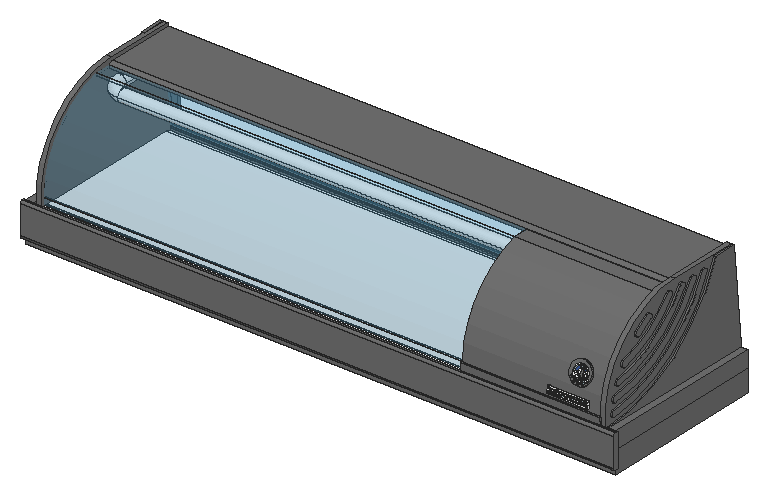
Revit family "QF_HOSHIZAKI_HNC-120BE-R-BLH", category Specialty Equipment, Revit 2016
Family settings
  Part Type = Normal
  Round Connector Dimension = Use Diameter
  OmniClass Number = 23.40.40.14
  OmniClass Title = Food Service Equipment
  Work Plane-Based = No
  Always vertical = Yes
  Cut with Voids When Loaded = No
  Shared = No
  Room Calculation Point = No
Parameters (values of type "HNC-120BE-R-BLH_230V/1Ph/50Hz")
  Weight = 32.00 kg
  Waste Remarks [instance] = ""
  Volts = 230 V
  URL Cutsheet = ""
  URL = "www.hoshizaki-europe.com"
  Status [instance] = ""
  Specification by User [instance] = ""
  Specification by Manufacturer [instance] = ""
  Serial Number = ""
  Seismic Rating = ""
  SMACNA No = ""
  Revision Code [instance] = ""
  Phase = 1
  Number of Poles = 2
  NAFEM Spec ID Number = ""
  Model = "HNC-120BE-R-BLH"
  Min Ckt Ampacity = 0 A
  Max Overcurrent Protection = 0 A
  Masterspec = ""
  Manufacturer = "HOSHIZAKI"
  Length Actual = 1200 mm
  Item Number [instance] = ""
  Installed By [instance] = ""
  Indirect Waste Size = 50.8 mm
  Indirect Waste Connection Type [instance] = ""
  Indirect Waste Connection Height [instance] = 23 mm
  Identify Quantity as Lot [instance] = no
  Height Actual = 270 mm
  HP power = ""
  Furnished By [instance] = ""
  Foodservice Equipment Identifier [instance] = yes
  FL Amps = 0.6 A
  Electric power = 140 W
  Electric Connection Type [instance] = ""
  Elec Conn RI Height [instance] = 0 mm
  Elec Conn Connection Height [instance] = 19 mm
  Direct Waste RI Height [instance] = 0 mm
  Description = "SUSHI CASE WITH LED LIGHTING, RIGHT SIDED - BLACK"
  Depth Actual = 345 mm
  Cycle = 50 Hz
  Cost = 0
  Conn Plug = ""
  Conn Conduit = no
  CSI MasterFormat = ""
  Assembly Code = "E1090320"
  Apparent Power = 140 VA
  Accessory = no
Reference planes
  plane 1 "Center (Front/Back)": y = 0
  plane 2: z = 0
  plane 3 "Center (Left/Right)": x = 0
Forms (mm)
  Extrusion 1, solid, not visible
    sketch origin (1169, -2, 18) x (1, 0, 0) y (0, 1, 0)
      loop
        line (0, 0) -> (2, 0) -> (2, 2) -> (0, 2) -> (0, 0)
    from 0 to 2
  Extrusion 2, solid, not visible
    sketch origin (67, -2, 22) x (1, 0, 0) y (0, 1, 0)
      loop
        line (0, 0) -> (2, 0) -> (2, 2) -> (0, 2) -> (0, 0)
    from 0 to 2
Dimensions and locks
  aligned and locked: level to plane 2
Nested families
  nested 1: "QF_HOSHIZAKI_HNC-120BE-R-BLH_230V_1Ph_50Hz" at (0, 0, 0), type "HNC-120BE-R-BLH_230V/1Ph/50Hz"
    with Status "", Specification by User "", Show Clearance yes, Revision Code "", Number of Poles 1, Item Number "", Installed By "", Identify Quantity as Lot no, Furnished By "", Foodservice Equipment Identifier yes, Electrical Remarks "", Electric Connection Type "", Elec Conn RI Height 0 mm, Elec Conn Connection Height 19 mm, Conn Conduit yes
Connectors
  electrical at (1170, 0, 19), driven by "Apparent Power", driven by "Number of Poles", driven by "Volts"
    settings: on Extrusion 1, index 1, voltage 230 V, apparent load 0 VA, apparent load phase1 140 VA, apparent load phase2 0 VA, apparent load phase3 0 VA, power factor 1, load classification "Other", number of poles 2, system type 31, power factor state 1, is connector primary yes, connector utility no, sub classification motor no, connector description "Electric connection for 'HNC-120BE-R-BLH'"
  piping at (68, 0, 23), diameter 50.8, driven by "Indirect Waste Size"
    settings: on Extrusion 2, index 2, connector inside diameter 609.6 mm, connector length 0 mm, flow factor 0, pipe flow 0.0 L/s, pressure drop 0.0 Pa, fitting loss kfactor 0, connector angle 0.00°, fixture units 0, engagement length 0 mm, angle of deflection 0.00°, flow configuration 1, flow direction 2, fitting loss method 0, system type 16, joint type 0, gender type 0, connector reference index -1, connector utility 0, adjustable connector no, is connector primary yes, connector description "Drain connection for 'HNC-120BE-R-BLH'"
Definition of nested family "QF_HOSHIZAKI_HNC-120BE-R-BLH_230V_1Ph_50Hz"
  Parameters (values of type "HNC-120BE-R-BLH_230V/1Ph/50Hz")
    Weight in Pounds = 70.5478
    Electric power = 150 W
    Volts = 230 V
    URL Cutsheet = "www.hoshizaki-europe.com"
    URL = "www.hoshizaki-europe.com"
    Status [instance] = ""
    Specification by User [instance] = ""
    Specification by Manufacturer = ""
    Show Logo = yes
    Show Clearance [instance] = yes
    Serial Number = ""
    Seismic Rating = ""
    SMACNA No = ""
    Revision Code [instance] = ""
    Phase = 1
    Number of Poles [instance] = 1
    NAFEM Spec ID Number = ""
    Model = "HNC-120BE-R-BLH"
    Min Ckt Ampacity = 0 A
    Max Overcurrent Protection = 0 A
    Masterspec = ""
    Manufacturer = "HOSHIZAKI"
    Item Number [instance] = ""
    Installed By [instance] = ""
    Identify Quantity as Lot [instance] = no
    HP power = "0.201153000000"
    Furnished By [instance] = ""
    Foodservice Equipment Identifier [instance] = yes
    FL Amps = 20 A
    Electrical Remarks [instance] = ""
    Electric Connection Type [instance] = ""
    Elec Conn RI Height [instance] = 0 mm
    Elec Conn Connection Height [instance] = 19 mm
    Description = "SUSHI CASE WITH LED LIGHTING, RIGHT SIDED - BLACK"
    Cycle = 50 Hz
    Conn Plug = ""
    Conn Conduit [instance] = yes
    CSI MasterFormat = ""
    Assembly Code = "E1090320"
    Apparent Power = 150 VA
  Reference planes
    plane 1 "Back": y = 0
    plane 2: z = 0
    plane 3 "Left": x = 0
    plane 4 "Right": x = 1200
    plane 5 "Front": y = -345
    plane 6 "Top": z = 270
  Forms (mm)
    Extrusion 1, solid
      sketch origin (1200, 0, 0) x (0, 1, 0) y (0, 0, -1)
        loop
          line (-335, -11.612) -> (-340, -11.612)
          arc (-340, -11.612) -> (-343.536, -13.076) -> (-345, -16.612) r 5
          line (-345, -16.612) -> (-345, -73.923)
          arc (-345, -73.923) -> (-343.536, -77.458) -> (-340, -78.923) r 5
          line (-340, -78.923) -> (-335, -78.923) -> (-335, -11.612)
      from 0 to 1200
    Extrusion 2, solid
      sketch origin (1196, 0, 0) x (0, 1, 0) y (0, 0, -1)
        loop
          line (0, 0) -> (-335, 0) -> (-335, -45.267) -> (0, -45.267) -> (0, 0)
      from 1192 to 0
    Extrusion 3, solid
      sketch origin (20, 0, 0) x (0, 1, 0) y (0, 0, 1)
        loop
          line (-335, 77.311) -> (-335, 45.267) -> (0, 45.267) -> (0, 81.612) -> (-16.482, 270) -> (-62.821, 270)
          arc (-62.821, 270) -> (-168.876, 131.23) -> (-335, 77.311) r 293.422
        loop
          arc (-83.709, 252.219) -> (-87.673, 258.508) -> (-95.039, 257.5) r 6.865
          arc (-95.039, 257.5) -> (-185.592, 150.044) -> (-318.029, 103.066) r 268.422
          arc (-318.029, 103.066) -> (-323.161, 96.407) -> (-317.08, 90.602) r 6.285
          arc (-317.08, 90.602) -> (-178.479, 139.765) -> (-83.709, 252.219) r 280.922
        loop
          arc (-111.859, 251.686) -> (-115.571, 258.059) -> (-122.925, 257.5) r 6.947
          arc (-122.925, 257.5) -> (-202.759, 168.597) -> (-315.28, 128.393) r 243.422
          arc (-315.28, 128.393) -> (-320.31, 121.62) -> (-314.06, 115.953) r 6.28
          arc (-314.06, 115.953) -> (-195.78, 158.227) -> (-111.859, 251.686) r 255.922
        loop
          arc (-140.937, 251.021) -> (-143.81, 258.338) -> (-151.626, 257.5) r 6.48
          arc (-151.626, 257.5) -> (-218.228, 188.332) -> (-308.057, 154.411) r 218.422
          arc (-308.057, 154.411) -> (-312.519, 147.451) -> (-306.269, 142.04) r 6.315
          arc (-306.269, 142.04) -> (-211.328, 177.909) -> (-140.937, 251.021) r 230.922
        loop
          arc (-173, 248.071) -> (-175.054, 255.795) -> (-183.042, 255.516) r 6.411
          arc (-183.042, 255.516) -> (-231.849, 209.297) -> (-293.527, 182.572) r 193.422
          arc (-293.527, 182.572) -> (-298.352, 176.046) -> (-293.13, 169.833) r 6.554
          arc (-293.13, 169.833) -> (-226.037, 198.16) -> (-173, 248.071) r 205.922
        loop
          arc (-225.482, 229.368) -> (-225.701, 237.193) -> (-233.285, 239.134) r 6.501
          arc (-233.285, 239.134) -> (-246.737, 229.431) -> (-261.08, 221.097) r 168.422
          arc (-261.08, 221.097) -> (-262.519, 213.318) -> (-255.34, 209.993) r 6.452
          arc (-255.34, 209.993) -> (-239.933, 218.945) -> (-225.482, 229.368) r 180.922
      from 0 to 5
    Extrusion 4, solid
      sketch origin (25, 0, 0) x (0, 1, 0) y (0, 0, 1)
        loop
          line (-335, 45.267) -> (0, 45.267) -> (0, 81.612) -> (-16.482, 270) -> (-157.482, 270)
          arc (-157.482, 270) -> (-288.48, 212.569) -> (-335, 77.311) r 178.115
          line (-335, 77.311) -> (-335, 45.267)
      from 0 to 10
    Extrusion 5, solid
      sketch origin (1180, 0, 0) x (0, 1, 0) y (0, 0, -1)
        loop
          arc (-335, -77.311) -> (-168.876, -131.23) -> (-62.821, -270) r 293.422
          line (-62.821, -270) -> (-16.482, -270) -> (0, -81.612) -> (0, -45.267) -> (-335, -45.267) -> (-335, -77.311)
        loop
          arc (-83.709, -252.219) -> (-178.479, -139.765) -> (-317.08, -90.602) r 280.922
          arc (-317.08, -90.602) -> (-323.161, -96.407) -> (-318.029, -103.066) r 6.285
          arc (-318.029, -103.066) -> (-185.592, -150.044) -> (-95.039, -257.5) r 268.422
          arc (-95.039, -257.5) -> (-87.673, -258.508) -> (-83.709, -252.219) r 6.865
        loop
          arc (-111.859, -251.686) -> (-195.78, -158.227) -> (-314.06, -115.953) r 255.922
          arc (-314.06, -115.953) -> (-320.31, -121.62) -> (-315.28, -128.393) r 6.28
          arc (-315.28, -128.393) -> (-202.759, -168.597) -> (-122.925, -257.5) r 243.422
          arc (-122.925, -257.5) -> (-115.571, -258.059) -> (-111.859, -251.686) r 6.947
        loop
          arc (-140.937, -251.021) -> (-211.328, -177.909) -> (-306.269, -142.04) r 230.922
          arc (-306.269, -142.04) -> (-312.519, -147.451) -> (-308.057, -154.411) r 6.315
          arc (-308.057, -154.411) -> (-218.228, -188.332) -> (-151.626, -257.5) r 218.422
          arc (-151.626, -257.5) -> (-143.81, -258.338) -> (-140.937, -251.021) r 6.48
        loop
          arc (-173, -248.071) -> (-226.037, -198.16) -> (-293.13, -169.833) r 205.922
          arc (-293.13, -169.833) -> (-298.352, -176.046) -> (-293.527, -182.572) r 6.554
          arc (-293.527, -182.572) -> (-231.849, -209.297) -> (-183.042, -255.516) r 193.422
          arc (-183.042, -255.516) -> (-175.054, -255.795) -> (-173, -248.071) r 6.411
        loop
          arc (-225.482, -229.368) -> (-239.933, -218.945) -> (-255.34, -209.993) r 180.922
          arc (-255.34, -209.993) -> (-262.519, -213.318) -> (-261.08, -221.097) r 6.452
          arc (-261.08, -221.097) -> (-246.737, -229.431) -> (-233.285, -239.134) r 168.422
          arc (-233.285, -239.134) -> (-225.701, -237.193) -> (-225.482, -229.368) r 6.501
      from 0 to 5
    Extrusion 6, solid
      sketch origin (1175, 0, 0) x (0, 1, 0) y (0, 0, -1)
        loop
          line (-335, -45.267) -> (-335, -77.311)
          arc (-335, -77.311) -> (-288.48, -212.569) -> (-157.482, -270) r 178.115
          line (-157.482, -270) -> (-16.482, -270) -> (0, -81.612) -> (0, -45.267) -> (-335, -45.267)
      from 0 to 10
    Extrusion 7, solid
      sketch origin (1200, 0, 0) x (0, 1, 0) y (0, 0, -1)
        loop
          line (-335.005, -77.311) -> (-335.597, -91.885) -> (-330.597, -91.885)
          arc (-330.597, -91.885) -> (-293.716, -198.698) -> (-198.787, -260) r 173.115
          line (-198.787, -260) -> (-15.607, -260) -> (0, -81.612) -> (0, -45.267) -> (-9.983, -45.267) -> (-9.983, -77.311) -> (-335.005, -77.311)
      from 35 to 317
    Extrusion 8, solid
      sketch origin (1200, 0, 0) x (0, 1, 0) y (0, 0, -1)
        loop
          line (-9.983, -45.267) -> (-335, -45.267) -> (-335, -67.293)
          arc (-335, -67.293) -> (-332.066, -74.377) -> (-324.983, -77.311) r 10.017
          line (-324.983, -77.311) -> (-20.035, -77.311)
          arc (-20.035, -77.311) -> (-12.951, -74.377) -> (-9.983, -67.293) r 10.017
          line (-9.983, -67.293) -> (-9.983, -45.267)
      from 35 to 1165
    Extrusion 9, solid
      sketch origin (1200, 0, 0) x (0, 1, 0) y (0, 0, -1)
        loop
          line (-16.044, -265) -> (-15.169, -255) -> (-166.142, -255) -> (-166.142, -260)
          arc (-166.142, -260) -> (-162.482, -263.66) -> (-157.482, -265) r 10
          line (-157.482, -265) -> (-16.044, -265)
      from 35 to 1165
    Extrusion 10, solid
      sketch origin (1200, 0, 0) x (0, 1, 0) y (0, 0, -1)
        loop
          line (-166.142, -260) -> (-166.142, -255) -> (-198.178, -255)
          arc (-198.178, -255) -> (-289.967, -195.377) -> (-325.597, -91.885) r 168.115
          line (-325.597, -91.885) -> (-325.597, -77.395) -> (-330.597, -77.395) -> (-330.597, -91.885)
          arc (-330.597, -91.885) -> (-293.716, -198.698) -> (-198.787, -260) r 173.115
          line (-198.787, -260) -> (-166.142, -260)
      from 317 to 1165
    Sweep 11, solid
      path origin (1200, 0, 230) x (-1, 0, 0) y (0, -1, 0)
        loop
          line (1072.551, 50.66) -> (1112.551, 50.66)
          arc (1112.551, 50.66) -> (1140.051, 62.051) -> (1151.442, 89.551) r 38.891
          line (1151.442, 89.551) -> (1151.442, 153.787)
          arc (1151.442, 153.787) -> (1142.122, 176.287) -> (1119.622, 185.607) r 31.82
          line (1119.622, 185.607) -> (317, 185.607)
      profile origin (107.449, -50.66, 230) x (0, -1, 0) y (0, 0, 1)
        loop
          circle (0, 0) r 12.5
    Extrusion 12, solid
      sketch origin (1200, 0, 0) x (0, 1, 0) y (0, 0, -1)
        loop
          line (0, -45.267) -> (-10, -45.267) -> (-10, -77.311) -> (-5, -77.311) -> (-5, -81.612) -> (-6.743, -101.536) -> (-1.743, -101.536) -> (0, -81.612) -> (0, -45.267)
      from 317 to 1165
    Extrusion 13, solid
      sketch origin (1200, 0, 0) x (0, 1, 0) y (0, 0, -1)
        loop
          line (-6.743, -101.536) -> (-20.169, -255) -> (-15.169, -255) -> (-1.743, -101.536) -> (-6.743, -101.536)
      from 1150 to 1165
    Extrusion 14, solid
      sketch origin (1200, 0, 0) x (0, 1, 0) y (0, 0, -1)
        loop
          line (-5, -77.311) -> (-9.917, -77.311) -> (-9.917, -80.666) -> (-25.169, -255) -> (-20.169, -255) -> (-5, -81.612) -> (-5, -77.311)
      from 317 to 1165
    Extrusion 15, solid
      sketch origin (1200, 0, 0) x (-1, 0, 0) y (0, 0, -1)
        loop
          line (20, -45.267) -> (4, -45.267) -> (4, -78.923) -> (20, -78.923) -> (20, -45.267)
      from 0 to 335
    Extrusion 16, solid
      sketch origin (20, 0, 0) x (-1, 0, 0) y (0, 0, -1)
        loop
          line (16, -45.267) -> (0, -45.267) -> (0, -78.923) -> (16, -78.923) -> (16, -45.267)
      from 0 to 335
    Extrusion 17, solid
      sketch origin (1170, 5, 19) x (-1, 0, 0) y (0, 0, -1)
        loop
          circle (0, 0) r 5
      from 0 to 5
    Extrusion 18, solid, visible <- "Show Logo"
      sketch origin (1008.022, -388.576, -502.725) x (1, 0, 0) y (0, 0.087156, 0.996195)
        loop
          line (55.338, 616.136) -> (55.338, 615.183) -> (56.401, 614.569) -> (56.401, 609.537) -> (55.338, 608.924) -> (55.338, 607.971) -> (59.638, 607.971) -> (59.638, 608.924) -> (58.286, 609.537) -> (58.286, 611.434) -> (61.704, 611.434) -> (61.704, 609.537) -> (60.353, 608.924) -> (60.353, 607.971) -> (64.652, 607.971) -> (64.652, 608.924) -> (63.589, 609.537) -> (63.589, 614.569) -> (64.652, 615.183) -> (64.652, 616.136) -> (60.353, 616.136) -> (60.353, 615.183) -> (61.704, 614.569) -> (61.704, 612.924) -> (58.286, 612.924) -> (58.286, 614.569) -> (59.638, 615.183) -> (59.638, 616.136) -> (55.338, 616.136)
        loop
          spline (69.001, 608.002) -> (70.129, 608.14) -> (71.179, 608.547) -> (72.081, 609.193) -> (72.773, 610.035) -> (73.209, 611.016) -> (73.357, 612.069) -> (73.209, 613.121) -> (72.773, 614.102) -> (72.081, 614.944) -> (71.179, 615.591) -> (70.129, 615.997) -> (69.001, 616.136)
          spline (69.001, 616.136) -> (67.874, 615.997) -> (66.824, 615.591) -> (65.922, 614.944) -> (65.229, 614.102) -> (64.794, 613.121) -> (64.646, 612.069) -> (64.794, 611.016) -> (65.229, 610.035) -> (65.922, 609.193) -> (66.824, 608.547) -> (67.874, 608.14) -> (69.001, 608.002)
        loop
          spline (68.927, 609) -> (69.484, 609.105) -> (70.004, 609.411) -> (70.45, 609.899) -> (70.792, 610.534) -> (71.007, 611.274) -> (71.08, 612.069) -> (71.007, 612.863) -> (70.792, 613.603) -> (70.45, 614.239) -> (70.004, 614.726) -> (69.484, 615.033) -> (68.927, 615.137)
          spline (68.927, 615.137) -> (68.37, 615.033) -> (67.851, 614.726) -> (67.405, 614.239) -> (67.063, 613.603) -> (66.847, 612.863) -> (66.774, 612.069) -> (66.847, 611.274) -> (67.063, 610.534) -> (67.405, 609.899) -> (67.851, 609.411) -> (68.37, 609.105) -> (68.927, 609)
        loop
          line (81.179, 616.194) -> (79.474, 615.758)
          arc (79.474, 615.758) -> (77.281, 616.22) -> (75.089, 615.753) r 5.403
          arc (75.089, 615.753) -> (73.886, 613.9) -> (75.089, 612.047) r 2.029
          line (75.089, 612.047) -> (78.971, 610.634)
          arc (78.971, 610.634) -> (79.436, 609.97) -> (78.971, 609.307) r 0.706
          arc (78.971, 609.307) -> (77.855, 609.11) -> (76.74, 609.307) r 3.262
          line (76.74, 609.307) -> (75.274, 610.772) -> (73.787, 610.772) -> (73.787, 608.097) -> (75.666, 608.577)
          arc (75.666, 608.577) -> (78.223, 607.78) -> (80.78, 608.577) r 4.5
          arc (80.78, 608.577) -> (81.48, 610.43) -> (80.78, 612.283) r 2.804
          line (80.78, 612.283) -> (76.487, 613.433)
          arc (76.487, 613.433) -> (75.882, 614.221) -> (76.487, 615.009) r 0.816
          arc (76.487, 615.009) -> (77.614, 615.157) -> (78.742, 615.009) r 4.357
          line (78.742, 615.009) -> (79.927, 613.433) -> (81.179, 613.433) -> (81.179, 616.194)
        loop
          line (82.271, 616.136) -> (82.271, 615.183) -> (83.334, 614.569) -> (83.334, 609.537) -> (82.271, 608.924) -> (82.271, 607.971) -> (86.57, 607.971) -> (86.57, 608.924) -> (85.219, 609.537) -> (85.219, 611.434) -> (88.636, 611.434) -> (88.636, 609.537) -> (87.285, 608.924) -> (87.285, 607.971) -> (91.585, 607.971) -> (91.585, 608.924) -> (90.522, 609.537) -> (90.522, 614.569) -> (91.585, 615.183) -> (91.585, 616.136) -> (87.285, 616.136) -> (87.285, 615.183) -> (88.636, 614.569) -> (88.636, 612.924) -> (85.219, 612.924) -> (85.219, 614.569) -> (86.57, 615.183) -> (86.57, 616.136) -> (82.271, 616.136)
        loop
          line (96.706, 616.136) -> (92.416, 616.136) -> (92.416, 615.183) -> (93.479, 614.569) -> (93.479, 609.537) -> (92.416, 608.924) -> (92.416, 607.971) -> (96.706, 607.971) -> (96.706, 608.924) -> (95.643, 609.537) -> (95.643, 614.569) -> (96.706, 615.183) -> (96.706, 616.136)
        loop
          line (97.667, 616.136) -> (97.667, 612.671) -> (98.907, 612.671) -> (98.907, 614.463) -> (99.558, 615.114) -> (102.547, 615.114) -> (97.667, 609.299) -> (97.667, 607.971) -> (104.908, 607.971) -> (104.908, 611.273) -> (103.649, 611.273) -> (103.649, 609.958) -> (102.708, 609.299) -> (100.239, 609.299) -> (104.908, 614.862) -> (104.908, 616.136) -> (97.667, 616.136)
        loop
          line (105.624, 607.971) -> (109.33, 607.971) -> (109.33, 609.028) -> (107.454, 609.028) -> (108.104, 610.636) -> (111.138, 610.636) -> (111.792, 609.702) -> (111.119, 609.028) -> (110.298, 609.028) -> (110.298, 607.971) -> (114.469, 607.971) -> (114.469, 609.299) -> (110.933, 616.136) -> (109.33, 616.136) -> (106.458, 609.028) -> (105.624, 609.028) -> (105.624, 607.971)
        loop
          line (114.779, 616.136) -> (114.779, 615.083) -> (116.046, 615.083) -> (116.046, 609.299) -> (114.99, 609.299) -> (114.99, 607.971) -> (118.696, 607.971) -> (117.926, 609.461) -> (117.926, 610.349) -> (119.101, 611.525) -> (121.327, 609.299) -> (120.053, 609.299) -> (120.053, 607.971) -> (124.657, 607.971) -> (124.657, 609.299) -> (123.759, 609.299) -> (120.592, 613.016) -> (122.659, 615.083) -> (123.759, 615.083) -> (123.759, 616.136) -> (120.053, 616.136) -> (120.053, 615.083) -> (121.071, 615.083) -> (117.926, 611.937) -> (118.696, 615.083) -> (118.696, 616.136) -> (114.779, 616.136)
        loop
          line (129.485, 616.136) -> (125.196, 616.136) -> (125.196, 615.183) -> (126.259, 614.569) -> (126.259, 609.537) -> (125.196, 608.924) -> (125.196, 607.971) -> (129.485, 607.971) -> (129.485, 608.924) -> (128.422, 609.537) -> (128.422, 614.569) -> (129.485, 615.183) -> (129.485, 616.136)
        loop
          line (109.583, 614.299) -> (108.553, 611.748) -> (110.666, 611.748) -> (109.583, 614.299)
        loop
          line (52.372, 617.338) -> (52.372, 606.471) -> (131.113, 606.471) -> (131.113, 617.338) -> (52.372, 617.338)
        loop
          line (133.113, 619.338) -> (50.372, 619.338) -> (50.372, 604.471) -> (133.113, 604.471) -> (133.113, 619.338)
      from -1 to 1
    Extrusion 19, solid, visible <- "Show Logo"
      sketch origin (1018.022, -389.821, -522.692) x (1, 0, 0) y (0, 0.087156, 0.996195)
        loop
          line (42.372, 637.338) -> (42.372, 626.471) -> (121.113, 626.471) -> (121.113, 637.338) -> (42.372, 637.338)
      from -1 to 1
    Extrusion 20, solid, visible <- "Show Logo"
      sketch origin (1577.337, -1020.928, -1575.21) x (-1, 0, 0) y (0, -0.374607, -0.927184)
        loop
          circle (459.884, -1862.5) r 13.99
      from 0 to 2.5
    Extrusion 21, solid, visible <- "Show Logo"
      sketch origin (1577.337, -1021.392, -1575.023) x (-1, 0, 0) y (0, -0.374607, -0.927184)
        loop
          circle (459.884, -1862.5) r 15
        loop
          arc (446.884, -1862.5) -> (460.705, -1875.474) -> (472.781, -1860.863) r 13
          line (472.781, -1860.863) -> (470.355, -1858.437) -> (469.346, -1862.201) -> (466.355, -1863.928) -> (465.024, -1865.26) -> (463.375, -1865.26) -> (462.04, -1870.241) -> (457.755, -1870.241) -> (459.339, -1867.979) -> (460.402, -1864.014) -> (461.224, -1860.945) -> (462.416, -1856.497) -> (461.216, -1855.297) -> (459.433, -1857.843) -> (455.784, -1851.523) -> (460.361, -1851.523) -> (461.471, -1853.446) -> (469.213, -1853.446)
          arc (469.213, -1853.446) -> (460.394, -1849.51) -> (451.293, -1852.743) r 13
          line (451.293, -1852.743) -> (455.577, -1853.891) -> (453.752, -1856.497) -> (455.349, -1856.497) -> (454.477, -1866.459) -> (452.538, -1866.459) -> (446.884, -1862.5)
        loop
          line (447.853, -1857.467) -> (452.313, -1861.926) -> (450.144, -1853.891)
          arc (450.144, -1853.891) -> (448.878, -1855.602) -> (447.853, -1857.467) r 15.828
        loop
          line (463.583, -1862.877) -> (466.64, -1862.399) -> (464.901, -1861.285) -> (463.583, -1857.664) -> (463.583, -1862.877)
        loop
          line (464.827, -1855.979) -> (468.296, -1856.908) -> (469.573, -1854.916) -> (468.881, -1854.224) -> (467.914, -1855.035) -> (464.827, -1855.979)
        loop
          line (462.609, -1872.307) -> (462.609, -1874.009) -> (464.927, -1873.388) -> (462.609, -1872.307)
        loop
          line (460.361, -1874.662) -> (459.594, -1873.335) -> (460.801, -1872.638) -> (459.186, -1872.205) -> (458.298, -1874.11) -> (460.361, -1874.662)
        loop
          line (459.623, -1846.783) -> (460.706, -1845.701) -> (462.247, -1845.701) -> (461.191, -1844.645) -> (461.503, -1842.874) -> (459.623, -1843.959) -> (457.743, -1842.874) -> (458.055, -1844.645) -> (456.999, -1845.701) -> (458.54, -1845.701) -> (459.623, -1846.783)
        loop
          line (446.86, -1853.7) -> (446.594, -1852.191) -> (447.478, -1850.929) -> (446.007, -1851.188) -> (444.736, -1849.917) -> (444.547, -1852.08) -> (442.579, -1852.997) -> (444.209, -1853.757) -> (444.468, -1855.228) -> (445.352, -1853.965) -> (446.86, -1853.7)
        loop
          line (452.395, -1848.68) -> (452.856, -1847.219) -> (454.223, -1846.508) -> (452.799, -1846.059) -> (452.258, -1844.344) -> (451.091, -1846.175) -> (448.922, -1846.08) -> (450.017, -1847.507) -> (449.568, -1848.931) -> (450.935, -1848.219) -> (452.395, -1848.68)
        loop
          line (472.909, -1853.7) -> (474.417, -1853.965) -> (475.301, -1855.228) -> (475.56, -1853.757) -> (477.19, -1852.997) -> (475.222, -1852.08) -> (475.033, -1849.917) -> (473.761, -1851.188) -> (472.291, -1850.929) -> (473.175, -1852.191) -> (472.909, -1853.7)
        loop
          line (467.374, -1848.68) -> (468.834, -1848.219) -> (470.201, -1848.931) -> (469.752, -1847.507) -> (470.847, -1846.08) -> (468.678, -1846.175) -> (467.511, -1844.344) -> (466.97, -1846.059) -> (465.546, -1846.508) -> (466.913, -1847.219) -> (467.374, -1848.68)
      from 0 to 2.5
    Extrusion 22, solid, visible <- "Show Logo"
      sketch origin (1577.337, -1021.392, -1575.023) x (-1, 0, 0) y (0, -0.374607, -0.927184)
        loop
          line (462.609, -1874.009) -> (462.609, -1872.307) -> (462.085, -1870.241) -> (457.755, -1870.241) -> (459.339, -1867.979) -> (462.416, -1856.497) -> (461.216, -1855.297) -> (459.433, -1857.843) -> (455.808, -1851.565) -> (453.948, -1851.565) -> (455.577, -1853.891) -> (454.477, -1866.459) -> (456.345, -1871.339)
          arc (456.345, -1871.339) -> (456.868, -1874.025) -> (459.213, -1875.435) r 3.366
          arc (459.213, -1875.435) -> (460.198, -1875.496) -> (461.183, -1875.435) r 8.046
          line (461.183, -1875.435) -> (462.609, -1874.009)
        loop
          line (456.854, -1851.523) -> (460.361, -1851.523) -> (460.916, -1852.485) -> (462.702, -1852.485) -> (463.779, -1851.407) -> (460.623, -1851.407) -> (461.563, -1850.468) -> (456.245, -1850.468) -> (456.854, -1851.523)
        loop
          line (460.361, -1874.662) -> (459.594, -1873.335) -> (460.801, -1872.638) -> (459.186, -1872.205) -> (458.298, -1874.11) -> (460.361, -1874.662)
      from 0 to 2.5
    Extrusion 23, solid, visible <- "Show Logo"
      sketch origin (1562.953, -534.352, -370.891) x (-1, 0, 0) y (0, -0.374607, -0.927184)
        loop
          circle (445.5, -563.6) r 22.5
      from 0 to 2
  Lines and regions (mm)
    symbolic lines
      curve 1: line (1200, -335, 0) -> (1200, -345, 0)
      curve 2: line (1200, -345, 0) -> (0, -345, 0)
      curve 3: line (0, -345, 0) -> (0, -335, 0)
      curve 4: line (0, -335, 0) -> (4, -335, 0)
      curve 5: line (4, -335, 0) -> (4, 0, 0)
      curve 6: line (4, 0, 0) -> (1196, 0, 0)
      curve 7: line (1165, 0, 0) -> (1165, 5, 0)
      curve 8: line (1165, 5, 0) -> (1175, 5, 0)
      curve 9: line (1175, 5, 0) -> (1175, 0, 0)
      curve 10: line (1196, 0, 0) -> (1196, -335, 0)
      curve 11: line (1196, -335, 0) -> (1200, -335, 0)
      curve 12: line (1196, -335, 0) -> (4, -335, 0)
      curve 13: line (35, -335, 0) -> (35, 0, 0)
      curve 14: line (1165, -335, 0) -> (1165, 0, 0)
      curve 15: line (883, 0, 0) -> (883, -335, 0)
      curve 16: line (35, -166.142, 0) -> (883, -166.142, 0)
  Dimensions and locks
    aligned and locked: level to plane 2
  Connectors
    electrical at (1170, 5, 19), driven by "Apparent Power", driven by "Volts", driven by "Number of Poles"
      settings: on Extrusion 17, index 1, voltage 230 V, apparent load 0 VA, apparent load phase1 150 VA, apparent load phase2 0 VA, apparent load phase3 0 VA, power factor 1, load classification none, number of poles 1, system type 31, power factor state 1, is connector primary yes, connector utility no, sub classification motor no, connector description "Electrical Connection"
